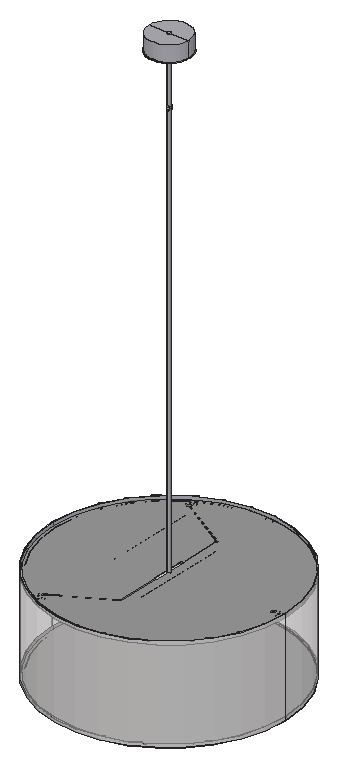
Revit family "Lighting - Lumetta - Pendant - P53414", category Lighting Fixtures, host Ceiling, Revit 2015
Parameters
  Wattage = 11.7117 W
  built-in parameter 1150110 = 1 (stored number, unit not read)
  URL = "https://lumetta.com/luminaires/drum-34-pendant/"
  Type Comments = "Drum 34'' Pendant"  # constant formula
  built-in parameter 1114217 = 1 (stored number, unit not read)
  Top Lens-Material [instance] = Acrylic - 2447 - White
  Top Lens [instance] = yes
  built-in parameter 1150109 = 1 (stored number, unit not read)
  built-in parameter 1150134 = (empty or 0)
  Suspension [instance] = 2
  built-in parameter 1150113 = 1 (stored number, unit not read)
  Stem Hung-ALL Lamping [instance] = Suspension = 2  # yes
  STD-NON_DIM [instance] = not([3-4-LED])  # yes
  Light Source Symbol Size = 0' - 1"
  Coupling-Stems Over 60 inches [instance] = and([Stem Hung-ALL Lamping], Fixture Drop > 5' 0")  # yes
  Model = "P53414"  # constant formula
  Manufacturer = "Lumetta, Inc."  # constant formula
  Lumens = 1300 lm
  built-in parameter 1150115 = 1 (stored number, unit not read)
  built-in parameter 1150105 = 103.45 (stored number, unit not read)
  built-in parameter 1150137 = (empty or 0)
  built-in parameter 1150139 = (empty or 0)
  built-in parameter 1150112 = 1 (stored number, unit not read)
  built-in parameter 1150114 = 1 (stored number, unit not read)
  built-in parameter 1150132 = 1
  built-in parameter 1150102 = (empty or 0)
  built-in parameter 1150138 = (empty or 0)
  built-in parameter 1150107 = 3000 (stored number, unit not read)
  built-in parameter 1150106 = 1.0345 (stored number, unit not read)
  Frame Finish [instance] = Paint - Lumetta - F02 - PC_Chrome
  Fixture Height [instance] = 1' - 2"
  Fixture Drop [instance] = 5' - 10"
  built-in parameter 1150104 = 10.312 (stored number, unit not read)
  Dimming Lamp Color Temperature Shift = (empty or 0)
  Diffuser Material [instance] = Shade - Lumetta - D61 - MT_White
  Description = ""
  Cord [instance] = Suspension = 1  # no
  Bottom Lens-Material [instance] = Acrylic - P95 - Etched White
  Bottom Lens [instance] = yes
  3-4-LED [instance] = and([3 or 4 Wire Dimming OR LED], Suspension = 1)  # no
  3 or 4 Wire Dimming OR LED [instance] = yes
  3 Cables [instance] = Suspension = 1  # no
  1CRD-3CBL-ALL Lamping [instance] = Suspension = 1  # no
  Cord Color [instance] = Cord, Black
  Color Filter = 16777215
  built-in parameter 1114218 = 1 (stored number, unit not read)
  built-in parameter 1150133 = 10 (stored number, unit not read)
Reference planes (in)
  plane 1 "Light Source Axis (F/B)": y = 0
  plane 2 "Ceiling": z = 96
  plane 3 "Light Source Axis (L/R)": x = 0
  plane 4 "Light Source Elevation": z = 23.5
  plane 5 "Fixture-Top": z = 26
  plane 6 "Fixture-OD": x = 17
  plane 7 "Fixture-Height": z = 12
  plane 8: through (0, 0, 0) normal (-0.5, -0.866, 0)
  plane 9: y = 0
  plane 10: through (0, 0, 0) normal (0.5, -0.866, 0)
  plane 11 "Plane-120": through (-8.5, 14.72243, 0) normal (0.5, -0.866, 0)
  plane 12 "Plane-240": through (-70.85383, 21.27757, 0) normal (0.5, 0.866, 0)
  plane 13: through (0, 0, 0) normal (-0.866, -0.5, 0)
  plane 14: through (0, 0, 0) normal (0.866, -0.5, 0)
Forms (in)
  Revolve 1, solid, material "Paint - Lumetta - F02 - PC_Chrome" <- "Frame Finish", visible <- "1CRD-3CBL-ALL Lamping"
    sketch origin (0, 0, 0) x (1, 0, 0) y (0, 0, 1)
      loop
        line (0, 96) -> (0, 95.4375) -> (3, 95.4375) -> (3, 95.5) -> (2.87509, 95.5) -> (2.87509, 96) -> (0, 96)
      axis (0, 96) -> (0, 95.4375)
    angle from 0 to 360
  Extrusion 2, void
    sketch origin (0, 0, 95.4375) x (0, -1, 0) y (1, 0, 0)
      loop
        circle (0, 0) r 0.25
      loop
        circle (0, 2.5) r 0.06274
      loop
        circle (-2.16506, -1.25) r 0.06274
      loop
        circle (2.16506, -1.25) r 0.06274
    from 0 to 0.06358
  Revolve 3, solid, material "Paint - Lumetta - F02 - PC_Chrome" <- "Frame Finish"
    sketch origin (0, 0, 0) x (1, 0, 0) y (0, 0, 1)
      loop
        line (17, 26) -> (16.93781, 26) -> (16.93781, 25.56373) -> (16.50031, 25.56373) -> (16.50031, 25.50123) -> (17, 25.50123) -> (17, 26)
      loop
        line (17, 12.50004) -> (16.93781, 12.50004) -> (16.93781, 12.06378) -> (16.50031, 12.06378) -> (16.50031, 12) -> (17, 12) -> (17, 12.50004)
      axis (0, 26) -> (0, 12)
    angle from 0 to 360
  Revolve 4, solid, material "Shade - Lumetta - D61 - MT_White" <- "Diffuser Material"
    sketch origin (0, 0, 0) x (1, 0, 0) y (0, 0, 1)
      loop
        line (17, 26) -> (17, 12) -> (17.06242, 12) -> (17.06242, 26) -> (17, 26)
      axis (0, 26) -> (0, 12)
    angle from 0 to 360
  Extrusion 5, solid, material "Paint - Lumetta - F02 - PC_Chrome" <- "Frame Finish", visible <- "Stem Hung-ALL Lamping"
    sketch origin (0, 0, 26) x (0, -1, 0) y (-1, 0, 0)
      loop
        circle (0, 0) r 0.25
    from 0.56254 to -70
  Revolve 6, solid, material "Paint - Lumetta - F02 - PC_Chrome" <- "Frame Finish", visible <- "Coupling-Stems Over 60 inches"
    sketch origin (0, 0, 0) x (1, 0, 0) y (0, 0, 1)
      loop
        line (0, 86.53023) -> (0, 86) -> (0.26233, 86)
        arc (0.26233, 86) -> (0.31307, 86.05074) -> (0.26233, 86.10149) r 0.05074
        arc (0.26233, 86.10149) -> (0.29304, 86.26499) -> (0.26243, 86.42851) r 0.45126
        arc (0.26243, 86.42851) -> (0.31329, 86.47937) -> (0.26243, 86.53023) r 0.05086
        line (0.26243, 86.53023) -> (0, 86.53023)
      axis (0, 86.53023) -> (0, 86)
    angle from 0 to 360
  Revolve 7, solid, material "Paint - Lumetta - F02 - PC_Chrome" <- "Frame Finish", visible <- "Stem Hung-ALL Lamping"
    sketch origin (0, 0, 0) x (1, 0, 0) y (0, 0, 1)
      loop
        line (0, 96) -> (0, 93.40625) -> (0.34988, 93.40625)
        arc (0.34988, 93.40625) -> (0.49124, 93.54417) -> (0.58115, 93.72) r 0.61026
        line (0.58115, 93.72) -> (3, 93.72) -> (3, 93.78) -> (2.875, 93.78) -> (2.875, 96) -> (0, 96)
      axis (0, 96) -> (0, 93.40625)
    angle from 0 to 360
  Extrusion 8, solid, material "Cord, Black" <- "Cord Color", visible <- "1CRD-3CBL-ALL Lamping"
    sketch origin (0, 0, 26) x (0, -1, 0) y (1, 0, 0)
      loop
        circle (0, 0) r 0.15674
    from -0.56254 to 70
  Extrusion 9, solid
    sketch origin (0, 0, 26) x (0, -1, 0) y (1, 0, 0)
      loop
        line (-0.5, 16.48559) -> (-0.5, 15.75) -> (0.5, 15.75) -> (0.5, 16.48559)
        arc (0.5, 16.48559) -> (0, 16.49317) -> (-0.5, 16.48559) r 16.49317
      loop
        circle (0, 16) r 0.11051
      loop
        arc (-14.53312, -7.81335) -> (-14.28968, -8.25015) -> (-14.03312, -8.67938) r 16.50031
        line (-14.03312, -8.67938) -> (-13.3899, -8.30801) -> (-13.8899, -7.44199) -> (-14.53312, -7.81335)
      loop
        circle (-13.85641, -8) r 0.10826
      loop
        arc (14.02694, -8.67581) -> (14.2835, -8.24658) -> (14.52694, -7.80978) r 16.49317
        line (14.52694, -7.80978) -> (13.8899, -7.44199) -> (13.3899, -8.30801) -> (14.02694, -8.67581)
      loop
        circle (13.85641, -8) r 0.10826
    from -0.43627 to -0.49877
  Extrusion 10, solid
    sketch origin (0, 0, 26) x (0, -1, 0) y (1, 0, 0)
      loop
        circle (0, 16) r 0.11051
      loop
        line (-0.76833, 16.23292) -> (-0.76833, 15.46921) -> (-13.81756, -7.13271) -> (-14.42396, -7.48282) -> (-13.67396, -8.78185) -> (-13.01257, -8.4) -> (13.08589, -8.4) -> (13.69229, -8.7501) -> (14.44229, -7.45107) -> (13.7809, -7.06921) -> (0.73167, 15.53271) -> (0.73167, 16.23292) -> (-0.76833, 16.23292)
      loop
        circle (0, 15.25) r 0.15796
      loop
        circle (-13.85641, -8) r 0.11051
      loop
        circle (-13.20689, -7.625) r 0.15796
      loop
        circle (13.85641, -8) r 0.11051
      loop
        circle (13.20689, -7.625) r 0.15796
      loop
        arc (11.2475, -6.7125) -> (11.43695, -6.60313) -> (11.43695, -6.38438) r 0.21875
        line (11.43695, -6.38438) -> (0.18944, 13.09688)
        arc (0.18944, 13.09688) -> (0, 13.20625) -> (-0.18944, 13.09688) r 0.21875
        line (-0.18944, 13.09688) -> (-11.43695, -6.38438)
        arc (-11.43695, -6.38438) -> (-11.43695, -6.60313) -> (-11.2475, -6.7125) r 0.21875
        line (-11.2475, -6.7125) -> (11.2475, -6.7125)
    from -0.5625 to -0.49877
  Sweep 11, solid, visible <- "1CRD-3CBL-ALL Lamping"
    path origin (0, 0, 0) x (1, 0, 0) y (0, 0, 1)
      loop
        line (2.5, 95.50108) -> (15.25, 25.50123)
    profile origin (8.875, 0, 60.50116) x (0.983814, 0, 0.179195) y (0, -1, 0)
      loop
        circle (0, 0) r 0.03083
  Sweep 12, solid, visible <- "1CRD-3CBL-ALL Lamping"
    path origin (0, 0, 0) x (-0.5, 0.866025, 0) y (0, 0, 1)
      loop
        line (2.5, 95.50108) -> (15.25, 25.50123)
    profile origin (-4.4375, 7.68598, 60.50116) x (-0.491907, 0.852008, 0.179195) y (0.866025, 0.5, 0)
      loop
        circle (0, 0) r 0.03083
  Sweep 13, solid, visible <- "1CRD-3CBL-ALL Lamping"
    path origin (0, 0, 0) x (-0.5, -0.866025, 0) y (0, 0, 1)
      loop
        line (2.5, 95.50108) -> (15.25, 25.50123)
    profile origin (-4.4375, -7.68598, 60.50116) x (-0.491907, -0.852008, 0.179195) y (-0.866025, 0.5, 0)
      loop
        circle (0, 0) r 0.03083
  Extrusion 14, solid, material "Acrylic - P95 - Etched White" <- "Bottom Lens-Material", visible <- "Bottom Lens"
    sketch origin (0, 0, 12) x (0, -1, 0) y (1, 0, 0)
      loop
        circle (0, 0) r 16.84375
    from 0.06378 to 0.1875
  Extrusion 15, solid
    sketch origin (0, 0, 26) x (0, -1, 0) y (1, 0, 0)
      loop
        line (-8.47262, -1.25) -> (8.47262, -1.25) -> (7.02924, 1.25) -> (-7.02924, 1.25) -> (-8.47262, -1.25)
      loop
        circle (0, 0) r 0.28281
    from -0.56254 to -0.49877
  Extrusion 16, solid, material "Acrylic - 2447 - White" <- "Top Lens-Material", visible <- "Top Lens"
    sketch origin (0, 0, 26) x (0, -1, 0) y (1, 0, 0)
      loop
        line (-2.50665, 0.05287) -> (-8.76685, 0.05287) -> (-13.06871, -7.39816)
        arc (-13.06871, -7.39816) -> (-13.39627, -7.81123) -> (-12.97776, -7.49064) r 0.26561
        line (-12.97776, -7.49064) -> (-8.69468, -0.07213) -> (-2.50665, -0.07213)
        arc (-2.50665, -0.07213) -> (-2.4132, -0.21734) -> (-2.25, -0.27378) r 0.26415
        line (-2.25, -0.27378) -> (2.25, -0.27378)
        arc (2.25, -0.27378) -> (2.41692, -0.21436) -> (2.50874, -0.06284) r 0.26415
        line (2.50874, -0.06284) -> (8.68932, -0.06284) -> (12.97864, -7.49217)
        arc (12.97864, -7.49217) -> (13.3955, -7.80984) -> (13.06947, -7.39949) r 0.26408
        line (13.06947, -7.39949) -> (8.76109, 0.06284) -> (2.50402, 0.06284)
        arc (2.50402, 0.06284) -> (2.40911, 0.20123) -> (2.25, 0.25453) r 0.26415
        line (2.25, 0.25453) -> (-2.25, 0.25453)
        arc (-2.25, 0.25453) -> (-2.4132, 0.19808) -> (-2.50665, 0.05287) r 0.26415
      loop
        circle (0, 15.25) r 0.26626
      loop
        circle (0, 0) r 16.84375
    from -0.43627 to -0.375
  Revolve 17, solid, material "Paint - Lumetta - F02 - PC_Chrome" <- "Frame Finish", visible <- "STD-NON_DIM"
    sketch origin (0, 0, 0) x (1, 0, 0) y (0, 0, 1)
      loop
        line (0, 95.4375) -> (0, 94.87435) -> (0.28215, 94.87435) -> (0.37481, 95.4375) -> (0, 95.4375)
      axis (0, 95.4375) -> (0, 94.87435)
    angle from 0 to 360
  Revolve 18, solid, material "Paint - Lumetta - F02 - PC_Chrome" <- "Frame Finish", visible <- "3-4-LED"
    sketch origin (0, 0, 0) x (1, 0, 0) y (0, 0, 1)
      loop
        line (0, 95.4375) -> (0, 95.3765) -> (0.37481, 95.3765) -> (0.37481, 95.4375) -> (0, 95.4375)
      axis (0, 95.4375) -> (0, 95.3765)
    angle from 0 to 360
Dimensions and locks (in)
  equal spacing: host sketch curve, plane 3 "Light Source Axis (L/R)", host sketch curve
  equal spacing: host sketch curve, plane 1 "Light Source Axis (F/B)", host sketch curve
  host sketch curve to host sketch curve = 10' - 0"  (x2)
  "Fixture Drop": plane 2 "Ceiling" to plane 5 "Fixture-Top"
  locked: plane 5 "Fixture-Top" to plane 4 "Light Source Elevation" at 2.5
  locked: plane 6 "Fixture-OD" to plane 3 "Light Source Axis (L/R)" at 17
  "Fixture Height": plane 5 "Fixture-Top" to plane 7 "Fixture-Height"
  locked: Extrusion 2 sketch curve to Extrusion 2 sketch curve at 2.5
  locked: plane 6 "Fixture-OD" to Revolve 3 sketch curve at 0.06219  (x2)
  locked: Revolve 4 sketch curve to plane 6 "Fixture-OD" at 0.06242
  locked: Revolve 3 to Revolve 4 at 0.06378
  locked: Extrusion 5 sketch curve to imposter light
  locked: Extrusion 5 sketch curve to imposter light at 0
  Revolve 6 sketch curve to Revolve 6 sketch curve = 0' - 0.15822"
  locked: Revolve 6 sketch curve to Revolve 4 at 60
  locked: Revolve 6 sketch curve to Revolve 6 sketch curve at 0.53023
  locked: Revolve 6 sketch curve to Revolve 6 sketch curve at 0.26243
  locked: Revolve 6 sketch curve to Revolve 6 sketch curve at 0.26233
  locked: Revolve 6 sketch curve to Revolve 6 sketch curve at 0.05074
  locked: Revolve 6 sketch curve to Revolve 6 sketch curve at 0.47937
  locked: Revolve 6 sketch curve to Revolve 6 sketch curve at 0.26512
  locked: Revolve 7 sketch curve to Revolve 7 sketch curve at 2.875
  locked: Revolve 7 sketch curve to Revolve 7 sketch curve at 0.31375
  locked: plane 5 "Fixture-Top" to Revolve 3 sketch curve at 0.49877
  locked: Revolve 3 sketch curve to Revolve 3 sketch curve at 0.0625
  locked: Revolve 3 sketch curve to plane 7 "Fixture-Height" at 0.50004
  locked: plane 6 "Fixture-OD" to Revolve 3 sketch curve at 0.49969
  locked: Revolve 1 sketch curve to Revolve 1 sketch curve at 0.0625
  locked: host ceiling to Revolve 1 sketch curve at 0.5625
  locked: Revolve 1 sketch curve to Revolve 1 sketch curve at 0.5625
  Revolve 1 sketch curve to Revolve 1 sketch curve = 0' - 2.87509"
  equal spacing: Extrusion 9 sketch curve, plane 1 "Light Source Axis (F/B)", Extrusion 9 sketch curve
  locked: Extrusion 9 sketch curve to plane 1 "Light Source Axis (F/B)" at 0.5
  locked: Extrusion 9 sketch curve to plane 6 "Fixture-OD" at 1
  locked: Extrusion 9 sketch curve to plane 6 "Fixture-OD" at 1.25
  locked: Extrusion 10 sketch curve to plane 6 "Fixture-OD" at 1
  locked: Extrusion 10 sketch curve to plane 6 "Fixture-OD" at 1.75
  locked: plane 10 to plane 11 "Plane-120" at 17
  locked: plane 12 "Plane-240" to plane 8 at 17
  locked: plane 11 "Plane-120" to Extrusion 9 sketch curve at 1.25
  locked: Extrusion 9 sketch curve to plane 11 "Plane-120" at 1
  locked: plane 12 "Plane-240" to Extrusion 9 sketch curve at 1.25
  locked: Extrusion 9 sketch curve to plane 12 "Plane-240" at 1
  locked: Extrusion 10 sketch curve to plane 11 "Plane-120" at 0.76708
  locked: Extrusion 10 sketch curve to plane 12 "Plane-240" at 0.76708
  locked: Extrusion 10 sketch curve to plane 6 "Fixture-OD" at 0.76708
  locked: Extrusion 10 sketch curve to plane 12 "Plane-240" at 1
  locked: Extrusion 10 sketch curve to plane 12 "Plane-240" at 1.75
  locked: Extrusion 10 sketch curve to plane 11 "Plane-120" at 1
  locked: Extrusion 10 sketch curve to plane 11 "Plane-120" at 1.75
  equal spacing: Extrusion 9 sketch curve, plane 13, Extrusion 9 sketch curve, locked at 0.5 each
  equal spacing: Extrusion 9 sketch curve, plane 14, Extrusion 9 sketch curve
  locked: plane 10 to Extrusion 2 sketch curve at 2.5
  locked: Extrusion 2 sketch curve to plane 8 at 2.5
  locked: Extrusion 10 sketch curve to Extrusion 10 sketch curve at 1.6875  (x3)
  locked: Extrusion 10 sketch curve to Extrusion 10 sketch curve at 1.5  (x3)
  locked: Extrusion 14 to plane 7 "Fixture-Height" at 0.1875
  plane 3 "Light Source Axis (L/R)" to Extrusion 15 sketch curve = 0' - 1 1/4"
  Extrusion 15 sketch curve to plane 3 "Light Source Axis (L/R)" = 0' - 1 1/4"
  locked: Extrusion 15 sketch curve to Extrusion 10 at 1.6875  (x2)
  locked: Extrusion 16 sketch curve to plane 9 at 2.25
  locked: Extrusion 16 sketch curve to plane 3 "Light Source Axis (L/R)" at 0.07213
  locked: plane 3 "Light Source Axis (L/R)" to Extrusion 16 sketch curve at 0.05287
  locked: plane 3 "Light Source Axis (L/R)" to Extrusion 16 sketch curve at 0.06284
  locked: Extrusion 16 sketch curve to plane 3 "Light Source Axis (L/R)" at 0.06284
  locked: Extrusion 16 sketch curve to plane 3 "Light Source Axis (L/R)" at 0.00963  (x2)
  locked: Extrusion 16 sketch curve to plane 11 "Plane-120" at 1.75
  locked: Extrusion 16 sketch curve to plane 12 "Plane-240" at 1.75
  locked: Extrusion 16 sketch curve to plane 6 "Fixture-OD" at 1.75
  locked: Extrusion 16 sketch curve to Extrusion 10 at 0.78125  (x2)
  locked: Extrusion 16 sketch curve to Extrusion 16 sketch curve at 0.125  (x2)
  Extrusion 16 to plane 3 "Light Source Axis (L/R)" = 0' - 0.07213"
  locked: plane 5 "Fixture-Top" to Extrusion 16 at 0.375
  locked: Revolve 1 sketch curve to Revolve 1 sketch curve at 3
  locked: Revolve 1 sketch curve to Revolve 1 sketch curve at 2.87509
  locked: Revolve 17 sketch curve to Revolve 17 sketch curve at 0.37481
  locked: Revolve 17 sketch curve to Revolve 17 sketch curve at 0.28215
  locked: Revolve 1 to Revolve 17 sketch curve at 0.56315
  locked: Revolve 1 to Revolve 18 sketch curve at 0.061
  locked: plane 3 "Light Source Axis (L/R)" to Revolve 18 sketch curve at 0.37481
  locked: Extrusion 14 sketch curve to Extrusion 14 sketch curve (radius 1' - 4 27/32")
  locked: Extrusion 16 sketch curve to Extrusion 16 sketch curve (radius 1' - 4 27/32")
  aligned and locked: plane 3 "Light Source Axis (L/R)" to imposter light
  aligned and locked: plane 1 "Light Source Axis (F/B)" to imposter light
  aligned and locked: plane 4 "Light Source Elevation" to imposter light
  aligned and locked: Revolve 4 sketch curve to plane 3 "Light Source Axis (L/R)"
  aligned and locked: Revolve 6 sketch curve to Revolve 6 sketch curve  (x2)
  aligned and locked: host ceiling to Extrusion 5
  aligned and locked: Extrusion 9 to Revolve 3
  aligned and locked: Revolve 3 to Extrusion 9
  aligned and locked: Extrusion 10 to Extrusion 9
  aligned and locked: Extrusion 9 sketch curve to Revolve 3
  aligned and locked: host ceiling to Extrusion 8
  aligned and locked: Extrusion 14 to Revolve 3
  aligned and locked: Extrusion 15 to Extrusion 5
  aligned and locked: Revolve 3 to Extrusion 15
  aligned and locked: Extrusion 16 sketch curve to Extrusion 16 sketch curve  (x2)
  aligned and locked: Extrusion 16 to Revolve 3
Automatic sketch dimensions
  Revolve 4 sketch curve to plane 6 "Fixture-OD" = 0' - 0"
  Revolve 4 sketch curve to plane 7 "Fixture-Height" = 0' - 0"
  Revolve 4 sketch curve to plane 5 "Fixture-Top" = 0' - 0"
  plane 7 "Fixture-Height" to Revolve 4 sketch curve = 0' - 1 1/4"
  Revolve 4 sketch curve to plane 5 "Fixture-Top" = 0' - 2 1/4"
  Revolve 6 sketch curve to plane 3 "Light Source Axis (L/R)" = 0' - 0"
  Revolve 6 sketch curve to Revolve 6 sketch curve = 0' - 11.34317"
  Revolve 7 sketch curve to plane 3 "Light Source Axis (L/R)" = 0' - 0"  (x3)
  Revolve 7 sketch curve to plane 2 "Ceiling" = 0' - 0"
  plane 3 "Light Source Axis (L/R)" to Revolve 7 sketch curve = 0' - 0.34988"
  Revolve 7 sketch curve to Revolve 7 sketch curve = 0' - 0.23126"
  Revolve 7 sketch curve to Revolve 7 sketch curve = 0' - 0 1/8"
  Revolve 7 sketch curve to plane 2 "Ceiling" = 0' - 2 3/32"
  Revolve 7 sketch curve to Revolve 7 sketch curve = 0' - 0.06"
  plane 2 "Ceiling" to Revolve 7 sketch curve = 0' - 1 3/4"
  Revolve 7 sketch curve to Revolve 7 sketch curve = 0' - 2 1/2"
  plane 1 "Light Source Axis (F/B)" to Extrusion 8 sketch curve = 0' - 0"
  Extrusion 8 sketch curve to plane 3 "Light Source Axis (L/R)" = 0' - 0"
  Revolve 3 sketch curve to plane 3 "Light Source Axis (L/R)" = 0' - 0"
  Revolve 3 sketch curve to plane 7 "Fixture-Height" = 0' - 0"
  Revolve 3 sketch curve to plane 5 "Fixture-Top" = 0' - 0"
  Revolve 3 sketch curve to plane 6 "Fixture-OD" = 0' - 0"  (x2)
  Revolve 3 sketch curve to level = 0' - 10"
  Revolve 3 sketch curve to plane 2 "Ceiling" = 0' - 1"
  Revolve 3 sketch curve to Revolve 3 sketch curve = 0' - 0 7/16"
  Revolve 3 sketch curve to Revolve 3 sketch curve = 0' - 0.06378"
  Extrusion 9 sketch curve to Extrusion 9 sketch curve = 0' - 0"  (x2)
  plane 1 "Light Source Axis (F/B)" to Extrusion 9 sketch curve = 0' - 0"  (x2)
  Extrusion 9 sketch curve to Extrusion 9 sketch curve = 0' - 0.03349"  (x2)
  Extrusion 9 sketch curve to Extrusion 9 sketch curve = 0' - 0.17053"
  Extrusion 9 sketch curve to plane 6 "Fixture-OD" = 0' - 0.51441"
  Extrusion 9 sketch curve to plane 3 "Light Source Axis (L/R)" = 0' - 0"
  plane 14 to Extrusion 9 sketch curve = 0' - 0"
  plane 13 to Extrusion 9 sketch curve = 0' - 0"
  Extrusion 2 sketch curve to Revolve 1 = 0' - 0"
  Extrusion 2 sketch curve to Extrusion 2 sketch curve = 0' - 1 1/4"  (x2)
  Sweep 11 sketch curve to plane 2 "Ceiling" = 0' - 0.49892"
  plane 3 "Light Source Axis (L/R)" to Sweep 11 sketch curve = 0' - 2 1/2"
  plane 5 "Fixture-Top" to Sweep 11 sketch curve = 0' - 0.49877"
  Sweep 11 sketch curve to plane 6 "Fixture-OD" = 0' - 1 3/4"
  Sweep 11 sketch curve to plane 1 "Light Source Axis (F/B)" = 0' - 0"
  Sweep 11 sketch curve to profile plane = 0' - 0"
  Sweep 12 sketch curve to plane 2 "Ceiling" = 0' - 0.49892"
  Sweep 12 sketch curve to plane 10 = 0' - 2 1/2"
  plane 5 "Fixture-Top" to Sweep 12 sketch curve = 0' - 0.49877"
  plane 11 "Plane-120" to Sweep 12 sketch curve = 0' - 1 3/4"
  Sweep 12 sketch curve to profile plane = 0' - 0"
  profile plane to Sweep 12 sketch curve = 0' - 0"
  Sweep 13 sketch curve to plane 2 "Ceiling" = 0' - 0.49892"
  plane 8 to Sweep 13 sketch curve = 0' - 2 1/2"
  plane 5 "Fixture-Top" to Sweep 13 sketch curve = 0' - 0.49877"
  plane 12 "Plane-240" to Sweep 13 sketch curve = 0' - 1 3/4"
  profile plane to Sweep 13 sketch curve = 0' - 0"  (x2)
  plane 13 to Extrusion 10 sketch curve = 0' - 0"  (x3)
  plane 1 "Light Source Axis (F/B)" to Extrusion 10 sketch curve = 0' - 0"  (x3)
  plane 14 to Extrusion 10 sketch curve = 0' - 0"  (x2)
  Extrusion 10 sketch curve to plane 14 = 0' - 0"
  Extrusion 10 sketch curve to Extrusion 10 sketch curve = 0' - 0.18245"
  Extrusion 10 sketch curve to plane 1 "Light Source Axis (F/B)" = 0' - 0.18944"
  plane 1 "Light Source Axis (F/B)" to Extrusion 10 sketch curve = 0' - 0.18944"
  plane 1 "Light Source Axis (F/B)" to Extrusion 10 sketch curve = 0' - 0.73167"
  Extrusion 10 sketch curve to Extrusion 10 sketch curve = 0' - 0.121"
  Extrusion 10 sketch curve to Extrusion 10 sketch curve = 0' - 0 7/64"
  Extrusion 10 sketch curve to Extrusion 10 sketch curve = 0' - 1.95938"
  Extrusion 10 sketch curve to Extrusion 10 sketch curve = 0' - 0 7/32"
  Extrusion 10 sketch curve to Extrusion 10 sketch curve = 0' - 0.18944"  (x2)
  Extrusion 10 sketch curve to Extrusion 10 sketch curve = 0' - 0.6064"
  Extrusion 10 sketch curve to Extrusion 10 sketch curve = 0' - 0.66139"
  plane 1 "Light Source Axis (F/B)" to Extrusion 15 sketch curve = 0' - 0"
  Extrusion 15 sketch curve to plane 3 "Light Source Axis (L/R)" = 0' - 0"
  plane 1 "Light Source Axis (F/B)" to Extrusion 14 sketch curve = 0' - 0"
  Extrusion 14 sketch curve to plane 3 "Light Source Axis (L/R)" = 0' - 0"
  plane 13 to Extrusion 16 sketch curve = 0' - 0"
  plane 1 "Light Source Axis (F/B)" to Extrusion 16 sketch curve = 0' - 0"  (x2)
  plane 14 to Extrusion 16 sketch curve = 0' - 0"
  Extrusion 16 sketch curve to plane 3 "Light Source Axis (L/R)" = 0' - 0"
  plane 1 "Light Source Axis (F/B)" to Extrusion 16 sketch curve = 0' - 2 1/4"
  Extrusion 16 sketch curve to Extrusion 16 sketch curve = 0' - 0.25665"
  Extrusion 16 sketch curve to Extrusion 16 sketch curve = 0' - 0.13436"
  Extrusion 16 sketch curve to Extrusion 16 sketch curve = 0' - 0.09083"
  Revolve 1 sketch curve to plane 3 "Light Source Axis (L/R)" = 0' - 0"  (x2)
  Revolve 1 sketch curve to plane 5 "Fixture-Top" = 0' - 1 1/4"
  Revolve 1 sketch curve to Revolve 1 sketch curve = 0' - 9 3/4"
  Revolve 17 sketch curve to plane 3 "Light Source Axis (L/R)" = 0' - 0"  (x2)
  Revolve 17 sketch curve to plane 2 "Ceiling" = 0' - 0 9/16"
  Revolve 17 sketch curve to Revolve 17 sketch curve = 0' - 1.18685"
  plane 2 "Ceiling" to Revolve 17 sketch curve = 0' - 6 11/16"
  Revolve 18 sketch curve to plane 3 "Light Source Axis (L/R)" = 0' - 0"  (x2)
  Revolve 18 sketch curve to Revolve 18 sketch curve = 0' - 0.061"
  Revolve 18 sketch curve to Revolve 18 sketch curve = 0' - 0.82606"
  Revolve 18 sketch curve to plane 2 "Ceiling" = 0' - 0 1/4"
  radius of Extrusion 5 sketch curve = 0' - 0 1/4"
  radius of Extrusion 8 sketch curve = 0' - 0.15674"
  radius of Extrusion 9 sketch curve = 0' - 0.11051"
  radius of Extrusion 9 sketch curve = 0' - 0.10826"  (x2)
  radius of Extrusion 2 sketch curve = 0' - 0.06274"  (x3)
  radius of Sweep 11 sketch curve = 0' - 0.03083"
  radius of Sweep 12 sketch curve = 0' - 0.03083"
  radius of Sweep 13 sketch curve = 0' - 0.03083"
  radius of Extrusion 10 sketch curve = 0' - 0.11051"  (x3)
  radius of Extrusion 10 sketch curve = 0' - 0.15796"  (x3)
  radius of Extrusion 15 sketch curve = 0' - 0.28281"
  radius of Extrusion 16 sketch curve = 0' - 0.26626"
  radius of Extrusion 2 sketch curve to Revolve 1 = 0' - 2 3/4"
